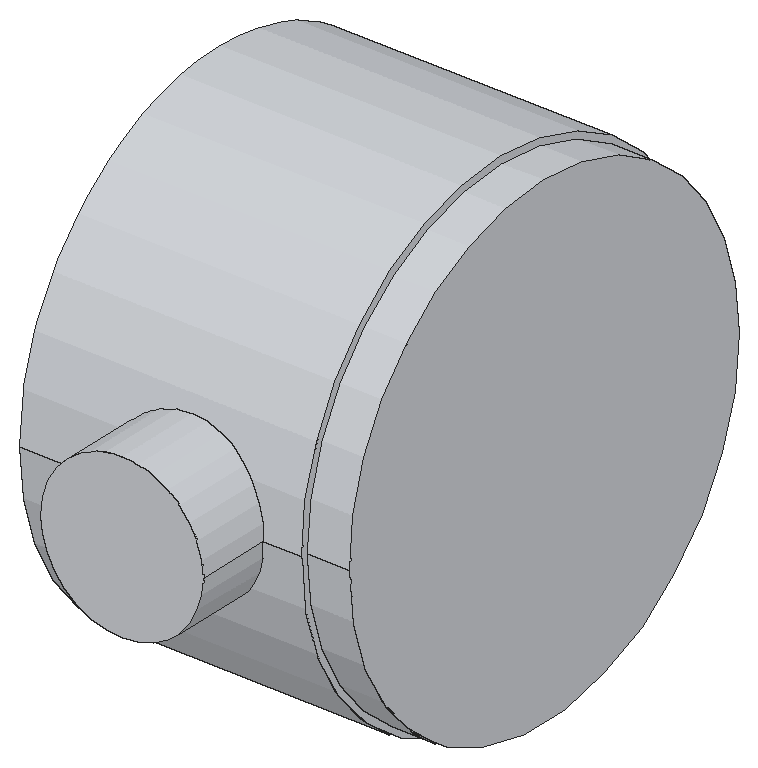
Revit family "Dreno estendido - Redondo - Entrada lateral - Único", category Acessórios do tubo, Revit 2019
Family settings
  Cota do conector redondo = Usar raio
  Tipo de parte = Normal
  Com base no plano de trabalho = Não
  Sempre na vertical = Sim
  Corte com vazios quando carregada = Não
  Compartilhado = Não
Parameters (values of type "100 mm")
  Raio do filtro = 150 mm
  Diâmetro do filtro = Raio do filtro * 2  # 300 mm
  Filtro = none
  Raio = 50 mm
  Método de perda = Não definido
  Raio da drenagem = 153.9 mm
  Comprimento do dreno = 200.00 mm
  Dreno = none
  Diâmetro da drenagem = Raio da drenagem * 2  # 307.80 mm
  Diâmetro = Raio * 2  # 100 mm
  Description = ""
Reference planes
  plane 1 "Centro (Frente/Trás)": y = 0
  plane 2: z = 0
  plane 3 "Centro (Esquerda/Direita)": x = 0
  plane 4: y = 50
  plane 5: y = -50
  plane 6: x = 173.55
  plane 7: x = 200
  plane 8: y = -200
  plane 9: x = 100
Forms (mm)
  Sweep 1, solid, material <- "Dreno"
    path origin (0, 0, 0) x (1, 0, 0) y (0, 1, 0)
      loop
        line (100, -200) -> (100, -50)
    profile origin (100, -125, 0) x (-1, 0, 0) y (0, 0, 1)
      loop
        circle (0, 0) r 50
  Sweep 2, solid, material <- "Filtro"
    path origin (0, 0, 0) x (1, 0, 0) y (0, 1, 0)
      loop
        line (173.55, 0) -> (200, 0)
    profile origin (186.775, 0, 0) x (0, 1, 0) y (0, 0, 1)
      loop
        circle (0, 0) r 150
  Sweep 3, solid, material <- "Dreno"
    path origin (0, 0, 0) x (1, 0, 0) y (0, 1, 0)
      loop
        line (0, 0) -> (173.55, 0)
    profile origin (86.775, 0, 0) x (0, 1, 0) y (0, 0, 1)
      loop
        circle (0, 0) r 153.9
Cuts and joins
  joined: Sweep 1, Sweep 3
Dimensions and locks
  "Comprimento do dreno": plane 3 "Centro (Esquerda/Direita)" to plane 7
  equal spacing: plane 3 "Centro (Esquerda/Direita)", Sweep 1 sketch curve, plane 7
  "Comprimento do dreno": plane 1 "Centro (Frente/Trás)" to plane 8
  locked: plane 6 to plane 7 at 26.45
  locked: plane 9 to plane 7 at 100
  "Raio": radius of Sweep 1 sketch curve
  "Raio do filtro": radius of Sweep 2 sketch curve
  "Raio da drenagem": radius of Sweep 3 sketch curve
  aligned and locked: plane 2 to level
  aligned and locked: plane 5 to Sweep 1 sketch curve
  aligned and locked: plane 8 to Sweep 1 sketch curve
  aligned and locked: plane 1 "Centro (Frente/Trás)" to Sweep 2 sketch curve
  aligned and locked: plane 6 to Sweep 2 sketch curve
  aligned and locked: plane 7 to Sweep 2 sketch curve
  aligned and locked: plane 1 "Centro (Frente/Trás)" to Sweep 3 sketch curve
  aligned and locked: plane 3 "Centro (Esquerda/Direita)" to Sweep 3 sketch curve
  aligned and locked: plane 6 to Sweep 3 sketch curve
Automatic sketch dimensions
  Sweep 1 sketch curve to level = 0.00 mm
  Sweep 1 sketch curve to profile plane = 0.00 mm
  Sweep 2 sketch curve to level = 0.00 mm
  Sweep 2 sketch curve to profile plane = 0.00 mm
  Sweep 3 sketch curve to level = 0.00 mm
  Sweep 3 sketch curve to profile plane = 0.00 mm
Connectors
  piping at (0, 0, 0), diameter 307.8, driven by "Raio da drenagem"
    settings: on cut or joined group of Sweep 1, Sweep 3, index 1, connector inside diameter 307.8 mm, connector length 0.00 mm, flow factor 0, pipe flow 0.0 L/s, pressure drop 0.0 Pa, fitting loss kfactor 0, connector angle 0.00°, fixture units 0, engagement length 0.00 mm, angle of deflection 0.00°, flow configuration 0, flow direction 2, fitting loss method 0, system type 16, joint type 0, gender type 0, connector reference index -1, connector utility 0, adjustable connector no, is connector primary yes, connector description ""
  piping at (100, -200, 0), diameter 100, driven by "Raio"
    settings: on cut or joined group of Sweep 1, Sweep 3, index 2, connector inside diameter 100 mm, connector length 0.00 mm, flow factor 0, pipe flow 0.0 L/s, pressure drop 0.0 Pa, fitting loss kfactor 0, connector angle 0.00°, fixture units 0, engagement length 0.00 mm, angle of deflection 0.00°, flow configuration 0, flow direction 1, fitting loss method 0, system type 16, joint type 0, gender type 0, connector reference index -1, connector utility 0, adjustable connector no, is connector primary no, connector description ""
